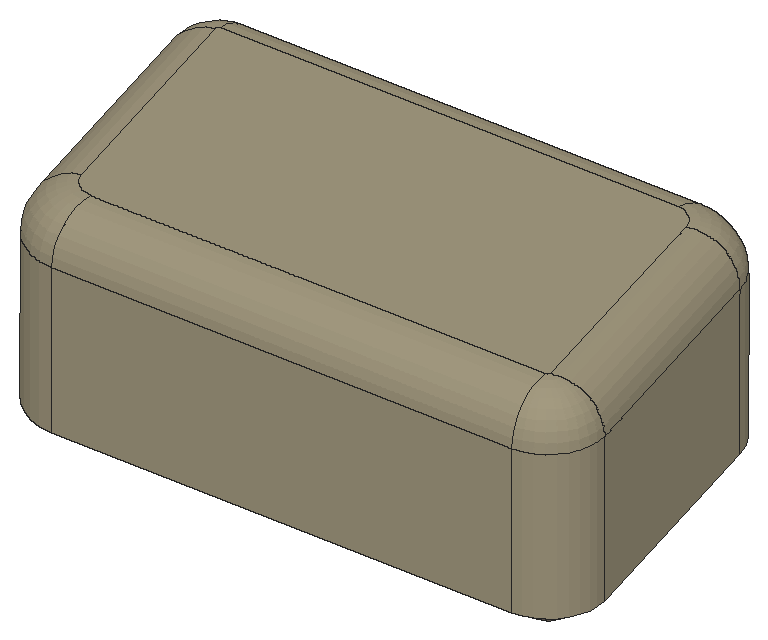
Revit family "FU_Modular_Sandler_Flow 06055", category Furniture, Revit 2022
Family settings
  OmniClass Number = 23.40.20.00
  OmniClass Title = General Furniture and Specialties
  Work Plane-Based = No
  Always vertical = Yes
  Cut with Voids When Loaded = No
  Render Appearance Source = Family Geometry
  Shared = No
  Room Calculation Point = No
Parameters (values of type "Flow 06055")
  Width = 1340 mm
  URL = "https://www.sandlerseating.com/product/flow-06055/"
  Shell [instance] = Fabric - Mainline Flax - Kensington MLF07
  Model = "Flow 06055"
  Manufacturer = "Sandler"
  Height = 450 mm
  Description = "Right-hand modular element in the Flow series. Irregular rectangle shape, no backrest, webbed seat."
  Depth = 780 mm
  Default Elevation = 0 mm
Reference planes
  plane 1 "Center (Front/Back)": y = 0
  plane 2: z = 0
  plane 3 "Center (Left/Right)": x = 0
  plane 4 "Right": x = -670
  plane 5 "Left": x = 670
  plane 6 "Back": y = 390
  plane 7 "Front": y = -390
  plane 8 "Height": z = 450
  plane 9 "Seat base": z = 50
Forms (mm)
  Extrusion 1, solid, material "Wood - Beech - Wenge"
    sketch origin (0, 0, 0) x (1, 0, 0) y (0, 1, 0)
      loop
        circle (-416.209, -238.079) r 40
      loop
        circle (-546.223, 263.664) r 40
      loop
        circle (415.42, 246.36) r 40
      loop
        circle (547.081, -257.639) r 40
    from 0 to 55
  Extrusion 2, solid, material "Fabric - Mainline Flax - Kensington MLF07" <- "Shell"
    sketch origin (0, 0, 50) x (-1, 0, 0) y (0, -1, 0)
      loop
        line (659.409, -250.989) -> (527.322, 260.285)
        arc (527.322, 260.285) -> (475.678, 341.251) -> (386.25, 376.253) r 155
        arc (386.25, 376.253) -> (-90.367, 390.212) -> (-566.995, 376.694) r 8274.425
        arc (-566.995, 376.694) -> (-641.97, 335.927) -> (-658.178, 252.139) r 100
        line (-658.178, 252.139) -> (-526.476, -264.147)
        arc (-526.476, -264.147) -> (-476.491, -342.856) -> (-389.659, -376.827) r 150
        arc (-389.659, -376.827) -> (89.426, -390.208) -> (568.482, -375.829) r 8274.425
        arc (568.482, -375.829) -> (643.42, -334.877) -> (659.409, -250.989) r 100
    from 0 to 400
  Sweep 3, void
    path in 3D
      loop
        arc (-527.322, -260.285, 450) -> (-475.678, -341.251, 450) -> (-386.25, -376.253, 450) r 155
        arc (-386.25, -376.253, 450) -> (90.367, -390.212, 450) -> (566.995, -376.694, 450) r 8274.425
        arc (566.995, -376.694, 450) -> (641.97, -335.927, 450) -> (658.178, -252.139, 450) r 100
        line (658.178, -252.139, 450) -> (526.476, 264.147, 450)
        arc (526.476, 264.147, 450) -> (476.491, 342.856, 450) -> (389.659, 376.827, 450) r 150
        arc (389.659, 376.827, 450) -> (-89.426, 390.208, 450) -> (-568.482, 375.829, 450) r 8274.425
        arc (-568.482, 375.829, 450) -> (-643.42, 334.877, 450) -> (-659.409, 250.989, 450) r 100
        line (-659.409, 250.989, 450) -> (-527.322, -260.285, 450)
    profile "Pro_edgeCut_95mm : Pro_edgeCut_95mm" origin (-593.366, -4.648, 450) x (0.968211, 0.250136, 0) y (0, 0, 1)
      loop
        line (95, 0) -> (95, 48) -> (-48, 48) -> (-48, -95) -> (0, -95)
        arc (0, -95) -> (27.825, -27.825) -> (95, 0) r 95
Cuts and joins
  Sweep 3 cuts Extrusion 2
Lines and regions (mm)
  sketch lines
    curve 1: line (-659.409, 250.989, 450) -> (-527.322, -260.285, 450)
    curve 2: arc (-386.25, -376.253, 450) -> (-475.678, -341.251, 450) -> (-527.322, -260.285, 450) r 155
    curve 3: arc (566.995, -376.694, 450) -> (90.367, -390.212, 450) -> (-386.25, -376.253, 450) r 8274.425
    curve 4: arc (658.178, -252.139, 450) -> (641.97, -335.927, 450) -> (566.995, -376.694, 450) r 100
    curve 5: line (658.178, -252.139, 450) -> (526.476, 264.147, 450)
    curve 6: arc (389.659, 376.827, 450) -> (476.491, 342.856, 450) -> (526.476, 264.147, 450) r 150
    curve 7: arc (-568.482, 375.829, 450) -> (-89.426, 390.208, 450) -> (389.659, 376.827, 450) r 8274.425
    curve 8: arc (-659.409, 250.989, 450) -> (-643.42, 334.877, 450) -> (-568.482, 375.829, 450) r 100
Dimensions and locks
  equal spacing: plane 6 "Back", plane 1 "Center (Front/Back)", plane 7 "Front"
  "Depth": plane 6 "Back" to plane 7 "Front"
  equal spacing: plane 4 "Right", plane 3 "Center (Left/Right)", plane 5 "Left"
  "Width": plane 4 "Right" to plane 5 "Left"
  "Height": plane 8 "Height" to level
  aligned and locked: level to plane 2
Automatic sketch dimensions
  plane 4 "Right" to Extrusion 1 sketch curve = 123.777 mm
  plane 4 "Right" to Extrusion 1 sketch curve = 253.791 mm
  Extrusion 1 sketch curve to plane 5 "Left" = 254.58 mm
  Extrusion 1 sketch curve to plane 5 "Left" = 122.919 mm
  plane 7 "Front" to Extrusion 1 sketch curve = 132.361 mm
  plane 7 "Front" to Extrusion 1 sketch curve = 151.921 mm
  Extrusion 1 sketch curve to plane 6 "Back" = 143.64 mm
  Extrusion 1 sketch curve to plane 6 "Back" = 126.336 mm
  Extrusion 2 sketch curve to plane 5 "Left" = 11.822 mm
  Extrusion 2 sketch curve to plane 5 "Left" = 143.524 mm
  Extrusion 2 sketch curve to Extrusion 2 sketch curve = 96.897 mm
  Extrusion 2 sketch curve to Extrusion 2 sketch curve = 145.345 mm
  plane 3 "Center (Left/Right)" to Extrusion 2 sketch curve = 94.193 mm
  Extrusion 2 sketch curve to plane 3 "Center (Left/Right)" = 80.807 mm
  plane 4 "Right" to Extrusion 2 sketch curve = 292.75 mm
  plane 4 "Right" to Extrusion 2 sketch curve = 142.678 mm
  plane 4 "Right" to Extrusion 2 sketch curve = 107.412 mm
  plane 4 "Right" to Extrusion 2 sketch curve = 10.591 mm
  plane 6 "Back" to Extrusion 2 sketch curve = 7494.212 mm
  Extrusion 2 sketch curve to plane 6 "Back" = 113.997 mm
  Extrusion 2 sketch curve to plane 6 "Back" = 125.853 mm
  Extrusion 2 sketch curve to Extrusion 2 sketch curve = 25.014 mm
  Extrusion 2 sketch curve to Extrusion 2 sketch curve = 37.077 mm
  plane 7 "Front" to Extrusion 2 sketch curve = 137.861 mm
  plane 7 "Front" to Extrusion 2 sketch curve = 168.486 mm
  Extrusion 2 sketch curve to Extrusion 2 sketch curve = 24.718 mm
  plane 7 "Front" to Extrusion 2 sketch curve = 129.715 mm
  Extrusion 2 sketch curve to plane 7 "Front" = 7494.212 mm
  Extrusion 2 sketch curve to Extrusion 2 sketch curve = 0 mm  (x2)
  radius of Extrusion 1 sketch curve = 40 mm  (x4)
